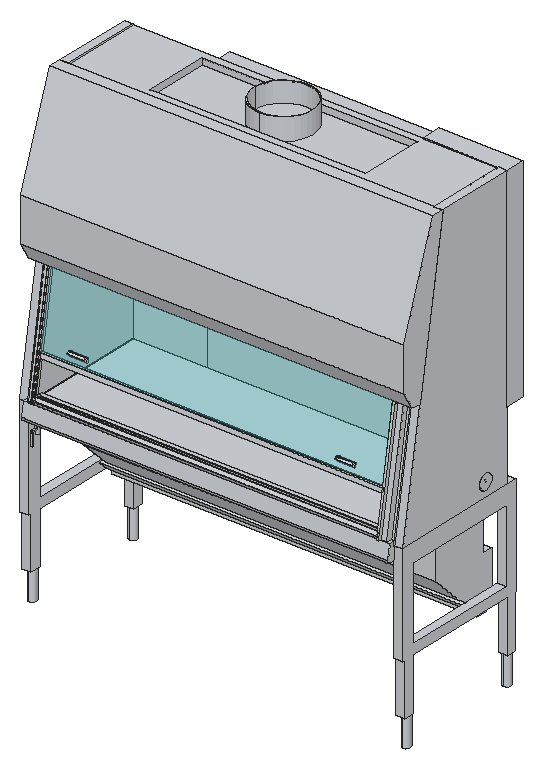
Revit family
Parameters (values of type "BGA-BCG601-B2")
  Weight = "850 lbs"
  Power = "115v, 20A, 60 Hz"
  Model = "BGA-BCG601-B2"
  Manufacturer = "The Baker Company"
  Height = "86\" min 94 1/2\" max"
  Exhaust collar = 3"
  Exhaust Flow (CFM) = "700-800"
  Description = "Class II, Type B2 Biosafety Cabinet"
  Cabinet Width = 77 7/8"
  Air Tight Damper On/Off = 14"
Types (3): name | Power | Model | Exhaust collar | Air Tight Damper On/Off
  (no name) | "115v, 20A, 60 Hz" | "BGA-BCG601-B2" | 3" | 14"
  BGA-BCG601-B2 | "115v, 20A, 60 Hz" | "BGA-BCG601-B2" | 3" | 14"
  BGA-BCG601-B2-25A | "115 v, 20A, 60 Hz" | "BGA-BCG601-B2-25B" | 5 7/8" | 28 51/64"
Reference planes (in)
  plane 1 "Center (Front/Back)": y = 4.44022
  plane 2: z = -0.5
  plane 3 "Center (Left/Right)": x = 0
  plane 4: x = 77.875
  plane 5: y = -23.03582
  plane 6: y = -23.16246
  plane 7: y = -23.40301
  plane 8: y = -23.62306
  plane 9: x = 66.15611
  plane 10: x = 47.03509
  plane 11: through (0, -29.49684, 44.979) normal (0, -0.1736, -0.9848)
  plane 12: z = 34.97206
  plane 13: y = -2.72235
  plane 14: y = -0.39632
  plane 15: y = 2.08007
  plane 16: y = -12.57304
  plane 17: through (0, -23.89759, 47.77657) normal (0, -0.9848, 0.1736)
  plane 18: z = 6
  plane 19: x = 52.03906
  plane 20: x = 78.125
  plane 21: x = 13.36769
  plane 22: x = 40.21635
  plane 23: x = 67.8874
  plane 24: x = 9.82164
  plane 25: x = 5.13405
  plane 26: x = 19.9745
  plane 27: x = 74.25
  plane 28: x = 72.48438
  plane 29: x = 72.04175
  plane 30: x = 76.16406
  plane 31: x = 74.74158
  plane 32: x = 73.74037
  plane 33: x = 74.96461
  plane 34: x = 64.49158
  plane 35: x = 75.41615
  plane 36: x = 73.74037
  plane 37: z = 94.49831
  plane 38: z = 97.49831
  plane 39: z = 61.85485
  plane 40: z = 68.74491
  plane 41: z = 74.29114
  plane 42: z = 38.85485
  plane 43: x = 38.9375
  plane 44: y = -26.46526
  plane 45: z = 82.74491
Forms (in)
  Extrusion 1, solid
    sketch origin (0, 0, -0.03125) x (0, 1, 0) y (0, 0, 1)
      loop
        line (1.80434, 94.52956) -> (-14.57853, 94.52956) -> (-24.7318, 37.19291) -> (1.80434, 37.19291) -> (1.80434, 94.52956)
    from 0 to 1.71094
  Extrusion 2, solid
    sketch origin (51.99478, 0, -0.03125) x (0, 1, 0) y (0, 0, 1)
      loop
        line (1.80434, 94.52956) -> (-14.57584, 94.52956) -> (-24.73176, 37.19291) -> (1.80434, 37.19291) -> (1.80434, 94.52956)
    from 24.16929 to 25.88022
  Extrusion 3, solid
    sketch origin (0, 0, 0) x (0, 1, 0) y (0, 0, 1)
      loop
        line (1.80434, 36.38129) -> (-24.76903, 36.38129) -> (-24.76903, 36.27667) -> (1.80434, 36.27667) -> (1.80434, 36.38129)
    from 1.8597 to 75.96089
  Extrusion 4, solid, detail levels fine
    sketch origin (0, 0, 0) x (0, 1, 0) y (0, 0, 1)
      loop
        line (-19.19787, 68.3054) -> (-24.86204, 36.38129) -> (-24.76903, 36.38129) -> (-19.10486, 68.3054) -> (-19.19787, 68.3054)
    from 1.71094 to 3.13342
  Extrusion 5, solid, detail levels fine
    sketch origin (48.90564, 0, 0) x (0, 1, 0) y (0, 0, 1)
      loop
        line (-19.19787, 68.3054) -> (-24.72358, 37.16166) -> (-24.63057, 37.16166) -> (-19.10486, 68.3054) -> (-19.19787, 68.3054)
    from 25.83594 to 27.25842
  Extrusion 6, solid
    sketch origin (0, 0, 0) x (0, 1, 0) y (0, 0, 1)
      loop
        line (1.80434, 37.16166) -> (-24.73214, 37.16166) -> (-24.58837, 37.97521) -> (-25.95777, 37.97521) -> (-26.46526, 35.09706)
        arc (-26.46526, 35.09706) -> (-26.35493, 34.68529) -> (-25.96857, 34.50513) r 0.50435
        line (-25.96857, 34.50513) -> (1.24588, 34.50513)
        arc (1.24588, 34.50513) -> (1.60074, 34.65212) -> (1.74773, 35.00697) r 0.50184
        line (1.74773, 35.00697) -> (1.80434, 35.00697) -> (1.80434, 37.16166)
    from 1.71094 to 76.16406
  Extrusion 7, solid, material "Glass"
    sketch origin (0, 0.4943, -0.06512) x (0, 1, 0) y (0, 0, 1)
      loop
        line (-22.39578, 61.85485) -> (-25.03567, 46.88327) -> (-24.45474, 46.77633) -> (-21.79599, 61.85485) -> (-22.39578, 61.85485)
    from 3.50208 to 73.74037
  Extrusion 8, solid, detail levels fine
    sketch origin (0, 0.3125, 0.59375) x (0, 1, 0) y (0, 0, 1)
      loop
        line (-26.71687, 38.13022) -> (-26.27991, 37.37401) -> (-24.58363, 37.37401) -> (-24.5417, 38.85485) -> (-25.41376, 38.85485)
        arc (-25.41376, 38.85485) -> (-25.51703, 38.81207) -> (-25.55981, 38.70879) r 0.14605
        line (-25.55981, 38.70879) -> (-25.55981, 38.47491) -> (-25.82709, 38.47491) -> (-26.67204, 38.24851)
        arc (-26.67204, 38.24851) -> (-26.72252, 38.2) -> (-26.71687, 38.13022) r 0.08164
    from 3.96867 to 73.74037
  Extrusion 9, solid, detail levels fine
    sketch origin (0, 0.4318, 0.30988) x (0, 1, 0) y (0, 0, 1)
      loop
        line (-25.53288, 48.57524) -> (-25.1327, 48.85545)
        arc (-25.1327, 48.85545) -> (-25.11622, 48.86193) -> (-25.09852, 48.86238) r 0.05099
        line (-25.09852, 48.86238) -> (-24.66862, 48.78657)
        arc (-24.66862, 48.78657) -> (-24.63612, 48.76587) -> (-24.62778, 48.72825) r 0.05035
        line (-24.62778, 48.72825) -> (-24.78002, 47.86485)
        arc (-24.78002, 47.86485) -> (-24.76863, 47.91446) -> (-24.75225, 47.96266) r 0.49902
        line (-24.75225, 47.96266) -> (-24.60136, 48.81844)
        arc (-24.60136, 48.81844) -> (-24.62428, 48.83572) -> (-24.65142, 48.84506) r 0.09174
        line (-24.65142, 48.84506) -> (-25.08962, 48.92233)
        arc (-25.08962, 48.92233) -> (-25.13025, 48.92144) -> (-25.16745, 48.90508) r 0.10415
        line (-25.16745, 48.90508) -> (-25.56763, 48.62487)
        arc (-25.56763, 48.62487) -> (-25.57507, 48.58268) -> (-25.53288, 48.57524) r 0.03029
    from 9.82164 to 13.36769
  Extrusion 10, solid, detail levels fine
    sketch origin (30.39471, 0.4318, 0.31681) x (0, 1, 0) y (0, 0, 1)
      loop
        line (-25.53288, 48.57524) -> (-25.1327, 48.85545)
        arc (-25.1327, 48.85545) -> (-25.11622, 48.86193) -> (-25.09852, 48.86238) r 0.05099
        line (-25.09852, 48.86238) -> (-24.66862, 48.78657)
        arc (-24.66862, 48.78657) -> (-24.63612, 48.76587) -> (-24.62778, 48.72825) r 0.05035
        line (-24.62778, 48.72825) -> (-24.78002, 47.86485)
        arc (-24.78002, 47.86485) -> (-24.76863, 47.91446) -> (-24.75225, 47.96266) r 0.49902
        line (-24.75225, 47.96266) -> (-24.60136, 48.81844)
        arc (-24.60136, 48.81844) -> (-24.62428, 48.83572) -> (-24.65142, 48.84506) r 0.09174
        line (-24.65142, 48.84506) -> (-25.08962, 48.92233)
        arc (-25.08962, 48.92233) -> (-25.13025, 48.92144) -> (-25.16745, 48.90508) r 0.10415
        line (-25.16745, 48.90508) -> (-25.56763, 48.62487)
        arc (-25.56763, 48.62487) -> (-25.57507, 48.58268) -> (-25.53288, 48.57524) r 0.03029
    from 33.94664 to 37.49269
  Extrusion 11, solid, detail levels fine
    sketch origin (10, -20.34675, 43.36559) x (0, 0.984808, -0.173648) y (1, 0, 0)
      loop
        line (-4.92075, -6.03133) -> (-4.92075, -6.54304) -> (-4.37778, -6.54304) -> (-4.37778, -7.70711) -> (-3.21131, -7.70711) -> (-3.21131, -7.60164) -> (-4.27231, -7.60164) -> (-4.27231, -6.43758) -> (-4.81528, -6.43758) -> (-4.81528, -6.03133) -> (-4.92075, -6.03133)
    from -17.8827 to 6.2648
  Extrusion 12, solid, detail levels fine
    sketch origin (43.58404, -20.34675, 43.36559) x (0, 0.984808, -0.173648) y (1, 0, 0)
      loop
        line (-4.81678, 30.15633) -> (-4.71131, 30.15633) -> (-4.71131, 30.56258) -> (-4.16834, 30.56258) -> (-4.16834, 31.72664) -> (-3.10734, 31.72664) -> (-3.10734, 31.83211) -> (-4.27381, 31.83211) -> (-4.27381, 30.66596) -> (-4.81678, 30.66596) -> (-4.81678, 30.15633)
    from -17.8827 to 6.2648
  Extrusion 13, solid
    sketch origin (-10.19183, 7.63281, 35.5) x (0, 1, 0) y (-1, 0, 0)
      loop
        circle (-4.66698, -11.06242) r 0.8
    from -35.5 to -29.5
  Extrusion 14, solid
    sketch origin (-10.19183, -18.02479, 35.5) x (0, 1, 0) y (-1, 0, 0)
      loop
        circle (-4.66698, -11.06242) r 0.8
    from -35.5 to -29.5
  Extrusion 15, solid
    sketch origin (3.50208, 0.75348, 3.46519) x (0, -1, 0) y (0, 0, 1)
      loop
        line (25.51722, 42.48146) -> (25.36238, 43.35956) -> (24.6106, 43.227) -> (24.77202, 42.35006) -> (25.51722, 42.48146)
    from -70.23829 to 0
  Extrusion 16, solid, detail levels fine
    sketch origin (53.69124, -17.94011, 92.65873) x (0, 0, 1) y (0, -1, 0)
      loop
        circle (-52.41462, -14.04379) r 1.5
      loop
        line (-52.24036, -14.04379) -> (-51.33405, -13.62117) -> (-51.39147, -13.49805) -> (-52.29338, -13.91862)
        arc (-52.29338, -13.91862) -> (-52.57508, -14.11176) -> (-52.24036, -14.04379) r 0.17426
    from 24.18376 to 24.43376
  Extrusion 17, solid
    sketch origin (-8.18947, -6.55978, 99.15907) x (0, -1, 0) y (1, 0, 0)
      loop
        circle (-0.2145, 47.12697) r 6
    from -6.09077 to -1.66076
  Extrusion 18, void
    sketch origin (-8.18947, -7.80978, 99.15907) x (1, 0, 0) y (0, -1, 0)
      loop
        circle (47.12697, -1.4645) r 5.875
    from 1.66076 to 5.76726
  Extrusion 19, solid
    sketch origin (0, 0, 0) x (0, 1, 0) y (0, 0, 1)
      loop
        line (-14.57853, 94.49831) -> (-17.1034, 94.49831) -> (-24.4582, 74.29114) -> (-24.4582, 65.35205) -> (-22.4582, 61.88795) -> (-20.41696, 61.52802) -> (-14.57853, 94.49831)
    from 0 to 77.875
  Extrusion 20, solid
    sketch origin (12, 4.44022, 94.49831) x (0, -1, 0) y (1, 0, 0)
      loop
        line (2.63588, 5) -> (2.63588, 48.875) -> (-3, 48.875) -> (-3, 5) -> (2.63588, 5)
    from -77.90279 to -2.32201
  Extrusion 21, solid
    sketch origin (0, 1.90981, 0) x (1, 0, 0) y (0, 0, 1)
      loop
        line (1.71094, 93.0683) -> (1.71094, 34.97206) -> (76.16406, 34.97206) -> (76.16406, 93.0683) -> (1.71094, 93.0683)
    from 0 to 0.10547
  Extrusion 22, solid
    sketch origin (-20, 4.44022, 94.49831) x (0, -1, 0) y (1, 0, 0)
      loop
        line (2.63588, 20.29962) -> (2.63588, 37) -> (0.28758, 37) -> (0.28758, 20.29962) -> (2.63588, 20.29962)
    from -43.07323 to -2.32201
  Extrusion 23, solid
    sketch origin (16.70038, 4.44022, 94.49831) x (0, -1, 0) y (1, 0, 0)
      loop
        line (2.63588, 44.17462) -> (2.63588, 61.17462) -> (-1.36412, 61.17462) -> (-1.36412, 44.17462) -> (2.63588, 44.17462)
    from -43.07323 to 0
  Extrusion 24, solid
    sketch origin (0, 0, 0) x (0, 1, 0) y (0, 0, 1)
      loop
        line (-12.36135, 34.97206) -> (-12.36135, 24.50513) -> (-4.45174, 16.59552) -> (1.77765, 16.59552) -> (1.77765, 24.59552) -> (-0.39632, 24.59552) -> (-0.39632, 34.97206) -> (-12.36135, 34.97206)
    from 3.13342 to 74.74158
  Extrusion 25, solid
    sketch origin (0, 0, 0) x (0, 1, 0) y (0, 0, 1)
      loop
        line (-6.49096, 18.63474) -> (-6.84451, 18.28119) -> (-5.25352, 16.6902) -> (-4.89997, 17.04375) -> (-6.49096, 18.63474)
    from 1.8597 to 76.10938
  Extrusion 26, solid
    sketch origin (0, 0, 0) x (0, 1, 0) y (0, 0, 1)
      loop
        line (-3.65209, 16.59552) -> (-3.65209, 14.84552) -> (-1.40209, 14.84552) -> (-1.40209, 16.59552) -> (-3.65209, 16.59552)
    from 1.71094 to 76.10938
  Extrusion 27, solid
    sketch origin (12.125, -23.03582, 65.00726) x (0, 0, -1) y (-1, 0, 0)
      loop
        circle (-17.56049, -26.875) r 5.875
    from 16.54486 to 16.78405
  Extrusion 28, solid
    sketch origin (12.125, 0, -17.60865) x (0, 1, 0) y (0, 0, 1)
      loop
        circle (-6.34527, 100.37331) r 0.25
    from 34.11658 to 35.45418
  Extrusion 29, solid
    sketch origin (-53.04413, 0, 46.08503) x (1, 0, 0) y (0, 1, 0)
      loop
        circle (100.37331, -6.34527) r 0.25
    from 32.69421 to 36.65988
  Extrusion 30, solid
    sketch origin (10.625, 0, -17.60865) x (0, 1, 0) y (0, 0, 1)
      loop
        circle (-6.35497, 100.3751) r 0.5
    from 34.30575 to 35.61658
  Extrusion 31, solid, not visible
    sketch origin (0, -23.03582, 80.11591) x (0, 0, -1) y (-1, 0, 0)
      loop
        circle (-17.56049, -26.875) r 5.875
    from 16.54486 to 16.78405
  Extrusion 32, solid, not visible
    sketch origin (0, 0, -2.5) x (0, 1, 0) y (0, 0, 1)
      loop
        circle (-6.34527, 100.37331) r 0.25
    from 34.11658 to 35.45418
  Extrusion 33, solid, not visible
    sketch origin (-65.16913, 0, 61.19367) x (1, 0, 0) y (0, 1, 0)
      loop
        circle (100.37331, -6.34527) r 0.25
    from 32.69421 to 36.65988
  Extrusion 34, solid, not visible
    sketch origin (-1.5, 0, -2.5) x (0, 1, 0) y (0, 0, 1)
      loop
        circle (-6.35497, 100.3751) r 0.5
    from 34.30575 to 35.61658
  Extrusion 35, solid
    sketch origin (-0.03906, 4.44022, 94.30265) x (0, -1, 0) y (1, 0, 0)
      loop
        line (2.63588, 0.33868) -> (19.01875, 0.33868) -> (19.01875, 76.20313) -> (2.63588, 76.20313) -> (2.63588, 0.33868)
      loop
        line (4.14081, 17.03906) -> (17.39081, 17.03906) -> (17.39081, 60.91406) -> (4.14081, 60.91406) -> (4.14081, 17.03906)
    from -1.43001 to 0
  Extrusion 36, solid
    sketch origin (-0.12661, 0, -0.01119) x (0, 1, 0) y (0, 0, 1)
      loop
        line (-14.57853, 93.0683) -> (-14.57853, 92.1763) -> (1.80434, 92.1763) -> (1.80434, 93.0683) -> (-14.57853, 93.0683)
    from 1.71094 to 76.29067
  Extrusion 37, solid, detail levels fine
    sketch origin (-0.8125, 0.67793, 1.11021) x (0, 1, 0) y (0, 0, 1)
      loop
        line (-27.14319, 31.94139) -> (-27.14319, 29.40045) -> (-27.02465, 29.40045) -> (-27.02465, 31.95176) -> (-26.09244, 32.03332)
        arc (-26.09244, 32.03332) -> (-25.97491, 32.05678) -> (-25.92193, 32.16429) r 0.13555
        line (-25.92193, 32.16429) -> (-25.92193, 32.93526) -> (-26.04047, 32.93526) -> (-26.04047, 32.16429) -> (-27.00465, 32.07993)
        arc (-27.00465, 32.07993) -> (-27.10261, 32.03935) -> (-27.14319, 31.94139) r 0.13854
    from 4.30923 to 4.72846
  Extrusion 38, solid, detail levels fine
    sketch origin (-1.875, 4.44232, 94.49178) x (0, -1, 0) y (1, 0, 0)
      loop
        circle (29.33419, 5.58609) r 0.375
    from -62.23967 to -59.99318
  Extrusion 39, solid
    sketch origin (-5.3903, 0, 0) x (0, 1, 0) y (0, 0, 1)
      loop
        line (-24.76903, 16.59552) -> (-24.22447, 16.59552) -> (-24.22447, 6) -> (-22.09914, 6) -> (-22.09914, 16.59552) -> (1.90429, 16.59552) -> (1.90429, 6) -> (3.93061, 6) -> (3.93061, 16.59552) -> (4.15265, 16.59552) -> (4.15265, 37.16166) -> (-24.76903, 37.16166) -> (-24.76903, 16.59552)
      loop
        line (1.77765, 33.43637) -> (-22.15144, 33.43637) -> (-22.15144, 18.6129) -> (1.77765, 18.6129) -> (1.77765, 33.43637)
    from 5.3903 to 7.25
  Extrusion 40, solid
    sketch origin (48.125, 0, 0) x (0, 1, 0) y (0, 0, 1)
      loop
        line (1.90429, 16.6141) -> (1.90429, 6) -> (3.90265, 6) -> (3.90265, 16.56427) -> (4.15265, 16.56427) -> (4.15265, 37.16166) -> (-24.76903, 37.16166) -> (-24.76903, 16.56427) -> (-24.22447, 16.56427) -> (-24.22447, 6) -> (-22.15144, 6) -> (-22.15144, 16.6141) -> (1.90429, 16.6141)
      loop
        line (1.77765, 18.63474) -> (1.77765, 33.43637) -> (-22.15144, 33.43637) -> (-22.15144, 18.63474) -> (1.77765, 18.63474)
    from 29.75 to 27.98438
  Extrusion 41, solid
    sketch origin (66.1216, 1.76431, 34.97206) x (0, 1, 0) y (-1, 0, 0)
      loop
        circle (1.18818, -10.87059) r 0.8
    from -34.97206 to -28.97206
  Extrusion 42, solid
    sketch origin (66.1216, -23.87996, 35.5) x (0, 1, 0) y (-1, 0, 0)
      loop
        circle (1.18818, -10.87059) r 0.8
    from -35.5 to -29.5
Cuts and joins
  Extrusion 18 cuts Extrusion 17
Lines and regions (in)
  reference lines
    curve 1: line (38.85452, 4.44022, 47.04523) -> (38.85452, 4.44022, 23.04523)
  model lines
    curve 2: line (47.27912, -23.51098, 43.92353) -> (47.27912, -23.47549, 43.91727)
    curve 3: line (4.11896, -24.54048, 69.26389) -> (15.36896, -24.54048, 69.26389)
    curve 4: line (15.36896, -24.54048, 67.26389) -> (4.11896, -24.54048, 67.26389)
    curve 5: arc (4.11896, -24.57243, 69.26389) -> (3.11896, -24.57243, 68.26389) -> (4.11896, -24.57243, 67.26389) r 1
    curve 6: arc (15.36896, -24.57243, 69.26389) -> (16.36896, -24.57243, 68.26389) -> (15.36896, -24.57243, 67.26389) r 1
    curve 7: line (57.86896, -24.54048, 69.81389) -> (72.49396, -24.54048, 69.81389)
    curve 8: line (72.49396, -24.54048, 67.01389) -> (57.86896, -24.54048, 67.01389)
    curve 9: arc (57.86896, -24.57243, 69.81389) -> (56.46896, -24.57243, 68.41389) -> (57.86896, -24.57243, 67.01389) r 1.4
    curve 10: arc (72.49396, -24.57243, 69.81389) -> (73.89396, -24.57243, 68.41389) -> (72.49396, -24.57243, 67.01389) r 1.4
Dimensions and locks (in)
  "Cabinet Width": plane 4 to plane 3 "Center (Left/Right)"
  locked: plane 4 to plane 27 at 3.625
  locked: plane 28 to plane 29 at 0.44262
  locked: plane 4 to plane 29 at 5.83325
  locked: plane 4 to plane 30 at 1.71094
  locked: plane 30 to plane 31 at 1.42248
  locked: plane 4 to plane 32 at 4.13463
  locked: plane 20 to plane 4 at 0.25
  locked: plane 4 to plane 23 at 9.9876
  locked: plane 23 to Extrusion 10 at 3.54605
  locked: plane 4 to plane 33 at 2.91039
  locked: plane 34 to plane 4 at 13.38342
  plane 4 to plane 30 = 1 91/128"  (x3)
  locked: plane 4 to plane 35 at 2.45885
  locked: plane 9 to plane 4 at 11.71889
  locked: plane 35 to plane 36 at 1.67578
  plane 12 to level = 34.97206"
  plane 37 to plane 12 = 59.52625"
  plane 39 to plane 42 = 23"
  equal spacing: plane 4, plane 43, plane 3 "Center (Left/Right)"
  plane 42 to plane 12 = 3.88279"
  plane 44 to Extrusion 2 = 28.2696"
  plane 1 "Center (Front/Back)" to Extrusion 20 = 3"
  Extrusion 20 to Extrusion 20 = 43 7/8"
  "Exhaust collar": plane 38 to plane 37
  "Air Tight Damper On/Off": plane 45 to plane 40
  aligned and locked: plane 18 to Extrusion 14
  aligned: plane 4 to Extrusion 6
  aligned and locked: plane 4 to Extrusion 2
  aligned: plane 31 to Extrusion 8
  aligned and locked: Extrusion 16 to plane 4
  aligned and locked: plane 32 to Extrusion 15
  aligned and locked: plane 32 to Extrusion 7
  aligned and locked: Extrusion 16 to plane 20
  aligned and locked: plane 23 to Extrusion 10
  aligned: Extrusion 6 to plane 3 "Center (Left/Right)"
  aligned and locked: plane 35 to Extrusion 12
  aligned and locked: plane 30 to Extrusion 5
  aligned: plane 30 to Extrusion 3
  aligned and locked: Extrusion 12 to plane 36
  aligned and locked: Extrusion 5 to plane 30
  aligned and locked: Extrusion 5 to plane 31
  aligned and locked: Extrusion 2 to plane 4
  aligned and locked: Extrusion 2 to plane 30
  aligned and locked: plane 4 to Extrusion 19
  aligned and locked: plane 38 to cut or joined group of Extrusion 17, Extrusion 18  (x2)
  aligned: cut or joined group of Extrusion 17, Extrusion 18 to plane 37
  aligned and locked: plane 45 to Extrusion 29
  aligned: Extrusion 6 to Extrusion 39
Automatic sketch dimensions
  Extrusion 1 sketch curve to plane 37 = 0"
  Extrusion 1 sketch curve to plane 8 = 1.10875"
  Extrusion 1 sketch curve to plane 16 = 2.00549"
  Extrusion 1 sketch curve to plane 15 = 0.27573"
  plane 12 to Extrusion 1 sketch curve = 2.1896"
  Extrusion 2 sketch curve to plane 37 = 0"
  Extrusion 2 sketch curve to plane 8 = 1.1087"
  Extrusion 2 sketch curve to plane 16 = 2.0028"
  Extrusion 2 sketch curve to plane 15 = 0.27573"
  plane 12 to Extrusion 2 sketch curve = 2.1896"
  Extrusion 3 sketch curve to plane 8 = 1.14597"
  Extrusion 3 sketch curve to plane 15 = 0.27573"
  plane 12 to Extrusion 3 sketch curve = 1.30461"
  Extrusion 3 sketch curve to Extrusion 3 sketch curve = 0.10462"
  Extrusion 4 sketch curve to plane 8 = 1.23898"
  Extrusion 4 sketch curve to Extrusion 4 sketch curve = 0.09301"  (x2)
  plane 40 to Extrusion 4 sketch curve = 0.43951"
  plane 5 to Extrusion 4 sketch curve = 3.83795"
  plane 12 to Extrusion 4 sketch curve = 1.40924"
  Extrusion 5 sketch curve to plane 8 = 1.10052"
  Extrusion 5 sketch curve to Extrusion 5 sketch curve = 0.09301"  (x2)
  plane 40 to Extrusion 5 sketch curve = 0.43951"
  plane 5 to Extrusion 5 sketch curve = 3.83795"
  plane 12 to Extrusion 5 sketch curve = 2.1896"
  Extrusion 7 sketch curve to plane 17 = 0.1231"  (x2)
  plane 39 to Extrusion 7 sketch curve = 0.06512"
  Extrusion 7 sketch curve to Extrusion 7 sketch curve = 0.59978"
  Extrusion 7 sketch curve to plane 8 = 0.33738"
  Extrusion 7 sketch curve to Extrusion 7 sketch curve = 0.58093"
  Extrusion 7 sketch curve to Extrusion 7 sketch curve = 0.10693"
  Extrusion 8 sketch curve to plane 44 = 0.06089"
  Extrusion 8 sketch curve to plane 42 = 0.01259"
  Extrusion 8 sketch curve to plane 44 = 0.10572"
  Extrusion 8 sketch curve to Extrusion 8 sketch curve = 0.02586"
  Extrusion 8 sketch curve to plane 44 = 0.49785"
  plane 42 to Extrusion 8 sketch curve = 0.21382"
  Extrusion 8 sketch curve to Extrusion 8 sketch curve = 0.81909"
  Extrusion 8 sketch curve to Extrusion 8 sketch curve = 0.26728"
  Extrusion 8 sketch curve to Extrusion 8 sketch curve = 0.14605"
  Extrusion 8 sketch curve to plane 8 = 0.64807"
  Extrusion 8 sketch curve to plane 8 = 0.60615"
  Extrusion 8 sketch curve to Extrusion 8 sketch curve = 0.07744"
  Extrusion 8 sketch curve to plane 42 = 0.88709"
  Extrusion 8 sketch curve to Extrusion 8 sketch curve = 0.23388"
  Extrusion 9 sketch curve to plane 44 = 1.32943"
  Extrusion 9 sketch curve to Extrusion 9 sketch curve = 0.01738"  (x2)
  Extrusion 9 sketch curve to Extrusion 9 sketch curve = 0.40018"
  Extrusion 9 sketch curve to Extrusion 9 sketch curve = 0.03475"
  Extrusion 9 sketch curve to Extrusion 9 sketch curve = 0.02499"
  Extrusion 9 sketch curve to Extrusion 9 sketch curve = 0.00162"
  Extrusion 9 sketch curve to Extrusion 9 sketch curve = 0.03418"
  Extrusion 9 sketch curve to Extrusion 9 sketch curve = 0.00889"
  Extrusion 9 sketch curve to Extrusion 9 sketch curve = 0.32607"
  Extrusion 9 sketch curve to Extrusion 9 sketch curve = 0.02776"
  Extrusion 9 sketch curve to Extrusion 9 sketch curve = 0.42873"
  Extrusion 9 sketch curve to Extrusion 9 sketch curve = 0.00874"  (x2)
  Extrusion 9 sketch curve to Extrusion 9 sketch curve = 0.01001"
  Extrusion 9 sketch curve to Extrusion 9 sketch curve = 0.0172"
  Extrusion 9 sketch curve to Extrusion 9 sketch curve = 0.03957"
  Extrusion 9 sketch curve to Extrusion 9 sketch curve = 0.05006"
  Extrusion 9 sketch curve to Extrusion 9 sketch curve = 0.49144"
  plane 42 to Extrusion 9 sketch curve = 9.23323"
  Extrusion 9 sketch curve to Extrusion 9 sketch curve = 0.08665"
  Extrusion 9 sketch curve to Extrusion 9 sketch curve = 0.61258"
  Extrusion 9 sketch curve to Extrusion 9 sketch curve = 0.02481"
  Extrusion 9 sketch curve to Extrusion 9 sketch curve = 0.76559"
  Extrusion 9 sketch curve to Extrusion 9 sketch curve = 0.01773"
  Extrusion 9 sketch curve to Extrusion 9 sketch curve = 0.07496"
  Extrusion 9 sketch curve to Extrusion 9 sketch curve = 0.03187"
  Extrusion 9 sketch curve to Extrusion 9 sketch curve = 1/128"
  Extrusion 9 sketch curve to Extrusion 9 sketch curve = 0.03569"
  Extrusion 9 sketch curve to Extrusion 9 sketch curve = 0.04963"
  Extrusion 10 sketch curve to plane 44 = 1.32943"
  Extrusion 10 sketch curve to Extrusion 10 sketch curve = 0.01738"  (x2)
  Extrusion 10 sketch curve to Extrusion 10 sketch curve = 0.40018"
  Extrusion 10 sketch curve to Extrusion 10 sketch curve = 0.03475"
  Extrusion 10 sketch curve to Extrusion 10 sketch curve = 0.02499"
  Extrusion 10 sketch curve to Extrusion 10 sketch curve = 0.00162"
  Extrusion 10 sketch curve to Extrusion 10 sketch curve = 0.03418"
  Extrusion 10 sketch curve to Extrusion 10 sketch curve = 0.00889"
  Extrusion 10 sketch curve to Extrusion 10 sketch curve = 0.32607"
  Extrusion 10 sketch curve to Extrusion 10 sketch curve = 0.02776"
  Extrusion 10 sketch curve to Extrusion 10 sketch curve = 0.42873"
  Extrusion 10 sketch curve to Extrusion 10 sketch curve = 0.00874"  (x2)
  Extrusion 10 sketch curve to Extrusion 10 sketch curve = 0.01001"
  Extrusion 10 sketch curve to Extrusion 10 sketch curve = 0.0172"
  Extrusion 10 sketch curve to Extrusion 10 sketch curve = 0.03957"
  Extrusion 10 sketch curve to Extrusion 10 sketch curve = 0.05006"
  Extrusion 10 sketch curve to Extrusion 10 sketch curve = 0.49144"
  plane 42 to Extrusion 10 sketch curve = 9.24016"
  Extrusion 10 sketch curve to Extrusion 10 sketch curve = 0.08665"
  Extrusion 10 sketch curve to Extrusion 10 sketch curve = 0.61258"
  Extrusion 10 sketch curve to Extrusion 10 sketch curve = 0.02481"
  Extrusion 10 sketch curve to Extrusion 10 sketch curve = 0.76559"
  Extrusion 10 sketch curve to Extrusion 10 sketch curve = 0.01773"
  Extrusion 10 sketch curve to Extrusion 10 sketch curve = 0.07496"
  Extrusion 10 sketch curve to Extrusion 10 sketch curve = 0.03187"
  Extrusion 10 sketch curve to Extrusion 10 sketch curve = 1/128"
  Extrusion 10 sketch curve to Extrusion 10 sketch curve = 0.03569"
  Extrusion 10 sketch curve to Extrusion 10 sketch curve = 0.04963"
  curve 2 to plane 10 = 0.24404"
  curve 2 to plane 17 = 1.08585"
  curve 2 to curve 2 = 0.03604"
  plane 17 to Extrusion 11 sketch curve = 0.6579"
  Extrusion 11 sketch curve to Extrusion 11 sketch curve = 27/256"  (x3)
  plane 17 to Extrusion 11 sketch curve = 0.11493"
  plane 17 to Extrusion 11 sketch curve = 0.00946"
  Extrusion 11 sketch curve to plane 17 = 1.05154"
  plane 3 "Center (Left/Right)" to Extrusion 11 sketch curve = 2.29289"
  Extrusion 11 sketch curve to Extrusion 11 sketch curve = 1 15/256"
  Extrusion 11 sketch curve to Extrusion 11 sketch curve = 13/32"
  curve 1 to plane 43 = 0.08298"
  curve 1 to plane 12 = 11.92683"
  plane 42 to curve 1 = 8.19038"
  Extrusion 12 sketch curve to plane 27 = 0"
  Extrusion 12 sketch curve to plane 32 = 0"
  Extrusion 12 sketch curve to plane 35 = 0"
  plane 17 to Extrusion 12 sketch curve = 0.55393"
  Extrusion 12 sketch curve to Extrusion 12 sketch curve = 27/256"
  plane 17 to Extrusion 12 sketch curve = 0.01096"
  Extrusion 12 sketch curve to plane 17 = 0.09451"
  Extrusion 12 sketch curve to Extrusion 12 sketch curve = 1.061"
  Extrusion 12 sketch curve to plane 27 = 0.10338"
  Extrusion 12 sketch curve to plane 35 = 27/256"
  plane 15 to Extrusion 13 sketch curve = 0.88576"
  plane 3 "Center (Left/Right)" to Extrusion 13 sketch curve = 0.87059"
  plane 5 to Extrusion 14 sketch curve = 0.34404"
  plane 3 "Center (Left/Right)" to Extrusion 14 sketch curve = 0.87059"
  Extrusion 15 sketch curve to plane 8 = 0.23406"
  Extrusion 15 sketch curve to plane 8 = 0.39548"
  Extrusion 15 sketch curve to Extrusion 15 sketch curve = 0.75179"
  Extrusion 15 sketch curve to Extrusion 15 sketch curve = 0.7452"
  plane 42 to Extrusion 15 sketch curve = 6.96041"
  Extrusion 15 sketch curve to Extrusion 15 sketch curve = 0.1314"
  Extrusion 16 sketch curve to Extrusion 16 sketch curve = 0"  (x2)
  plane 42 to Extrusion 16 sketch curve = 1.38926"
  Extrusion 16 sketch curve to Extrusion 16 sketch curve = 0.12124"
  Extrusion 16 sketch curve to Extrusion 16 sketch curve = 0.05302"
  Extrusion 16 sketch curve to Extrusion 16 sketch curve = 0.90191"
  plane 13 to Extrusion 16 sketch curve = 1.59659"
  Extrusion 16 sketch curve to Extrusion 16 sketch curve = 0.05741"
  Extrusion 17 sketch curve to plane 43 = 0"
  plane 13 to Extrusion 17 sketch curve = 3.62292"
  Extrusion 18 sketch curve to plane 43 = 0"
  plane 13 to Extrusion 18 sketch curve = 3.62292"
  plane 41 to Extrusion 19 sketch curve = 0"
  Extrusion 19 sketch curve to plane 37 = 0"
  Extrusion 19 sketch curve to plane 8 = 0.83515"
  Extrusion 19 sketch curve to plane 39 = 0.0331"
  plane 5 to Extrusion 19 sketch curve = 0.57761"
  plane 39 to Extrusion 19 sketch curve = 0.32682"
  Extrusion 19 sketch curve to Extrusion 19 sketch curve = 2.04124"
  Extrusion 19 sketch curve to plane 16 = 4.53036"
  Extrusion 19 sketch curve to plane 16 = 2.00549"
  plane 40 to Extrusion 19 sketch curve = 3.39286"
  Extrusion 20 sketch curve to plane 1 "Center (Front/Back)" = 3"
  Extrusion 20 sketch curve to plane 15 = 0.27573"
  plane 26 to Extrusion 20 sketch curve = 2.9745"
  plane 34 to Extrusion 20 sketch curve = 3.61658"
  Extrusion 21 sketch curve to plane 12 = 0"
  Extrusion 21 sketch curve to plane 30 = 0"
  plane 3 "Center (Left/Right)" to Extrusion 21 sketch curve = 1 91/128"
  Extrusion 21 sketch curve to plane 37 = 1.43001"
  plane 1 "Center (Front/Back)" to Extrusion 22 sketch curve = 0.28758"
  Extrusion 22 sketch curve to plane 15 = 0.27573"
  plane 3 "Center (Left/Right)" to Extrusion 22 sketch curve = 0.29962"
  plane 26 to Extrusion 22 sketch curve = 2.9745"
  Extrusion 23 sketch curve to plane 4 = 0"
  Extrusion 23 sketch curve to plane 1 "Center (Front/Back)" = 1.36412"
  Extrusion 23 sketch curve to plane 15 = 0.27573"
  plane 34 to Extrusion 23 sketch curve = 3.61658"
  Extrusion 24 sketch curve to plane 12 = 0"
  Extrusion 24 sketch curve to plane 14 = 0"
  plane 13 to Extrusion 24 sketch curve = 1.72938"
  plane 16 to Extrusion 24 sketch curve = 0.21169"
  Extrusion 24 sketch curve to plane 15 = 0.30242"
  Extrusion 24 sketch curve to Extrusion 24 sketch curve = 10.37654"
  Extrusion 24 sketch curve to Extrusion 24 sketch curve = 10.46693"
  Extrusion 24 sketch curve to Extrusion 24 sketch curve = 8"
  plane 13 to Extrusion 25 sketch curve = 4.12216"
  Extrusion 25 sketch curve to Extrusion 25 sketch curve = 0.35355"  (x2)
  Extrusion 25 sketch curve to Extrusion 25 sketch curve = 1.59099"
  Extrusion 25 sketch curve to plane 18 = 10.6902"
  plane 13 to Extrusion 26 sketch curve = 0.92974"
  plane 14 to Extrusion 26 sketch curve = 1.00577"
  Extrusion 26 sketch curve to plane 18 = 8.84552"
  Extrusion 26 sketch curve to Extrusion 26 sketch curve = 1 3/4"
  plane 28 to curve 7 = 0.00959"
  curve 7 to plane 40 = 1.06898"
  curve 3 to plane 40 = 0.51898"
  plane 40 to curve 4 = 1.48102"
  plane 40 to curve 8 = 1.73102"
  plane 28 to curve 8 = 0.00959"
  plane 19 to curve 7 = 5.8299"
  curve 8 to curve 7 = 0"
  plane 21 to curve 4 = 2.00127"
  curve 4 to curve 3 = 0"
  plane 25 to curve 4 = 1.01509"
  plane 25 to curve 3 = 1.01509"
  plane 28 to curve 10 = 0.00959"
  curve 10 to plane 40 = 1.06898"
  curve 9 to plane 40 = 1.06898"
  curve 5 to plane 40 = 0.51898"
  curve 6 to plane 40 = 0.51898"
  plane 40 to curve 10 = 0.33102"
  plane 40 to curve 9 = 0.33102"
  plane 40 to curve 5 = 0.48102"
  plane 40 to curve 6 = 0.48102"
  plane 19 to curve 9 = 5.8299"
  plane 21 to curve 6 = 2.00127"
  plane 25 to curve 5 = 1.01509"
  Extrusion 35 sketch curve to plane 30 = 0"
  Extrusion 35 sketch curve to plane 15 = 0.27573"
  Extrusion 35 sketch curve to plane 14 = 0.69574"
  Extrusion 35 sketch curve to plane 16 = 0.37755"
  Extrusion 35 sketch curve to plane 16 = 2.00549"
  plane 34 to Extrusion 35 sketch curve = 3.61658"
  plane 26 to Extrusion 35 sketch curve = 2.9745"
  plane 3 "Center (Left/Right)" to Extrusion 35 sketch curve = 0.29962"
  Extrusion 36 sketch curve to plane 16 = 2.00549"
  Extrusion 36 sketch curve to plane 15 = 0.27573"
  Extrusion 36 sketch curve to plane 37 = 2.3332"
  Extrusion 36 sketch curve to Extrusion 36 sketch curve = 0.89199"
  Extrusion 37 sketch curve to plane 44 = 0"
  Extrusion 37 sketch curve to Extrusion 37 sketch curve = 0.11854"  (x2)
  Extrusion 37 sketch curve to Extrusion 37 sketch curve = 0.02"
  Extrusion 37 sketch curve to Extrusion 37 sketch curve = 0.9122"
  Extrusion 37 sketch curve to Extrusion 37 sketch curve = 0.03496"
  Extrusion 37 sketch curve to Extrusion 37 sketch curve = 0.01701"
  Extrusion 37 sketch curve to plane 12 = 4.46139"
  Extrusion 37 sketch curve to plane 12 = 1.92045"
  Extrusion 37 sketch curve to Extrusion 37 sketch curve = 0.01037"
  Extrusion 37 sketch curve to Extrusion 37 sketch curve = 0.04661"
  Extrusion 37 sketch curve to Extrusion 37 sketch curve = 0"
  Extrusion 37 sketch curve to Extrusion 37 sketch curve = 0.77097"
  Extrusion 38 sketch curve to plane 8 = 1.26882"
  plane 25 to Extrusion 38 sketch curve = 1.42296"
  plane 18 to Extrusion 40 sketch curve = 0"  (x2)
  Extrusion 40 sketch curve to plane 8 = 1.14597"
  Extrusion 40 sketch curve to plane 8 = 0.60142"
  plane 5 to Extrusion 40 sketch curve = 0.88437"  (x2)
  plane 12 to Extrusion 40 sketch curve = 2.1896"
  Extrusion 40 sketch curve to plane 15 = 0.30242"
  Extrusion 40 sketch curve to plane 15 = 45/256"
  plane 1 "Center (Front/Back)" to Extrusion 40 sketch curve = 0.53758"
  Extrusion 40 sketch curve to Extrusion 40 sketch curve = 1/4"
  Extrusion 40 sketch curve to plane 18 = 10.56427"  (x2)
  Extrusion 40 sketch curve to Extrusion 40 sketch curve = 0.04983"
  Extrusion 40 sketch curve to Extrusion 40 sketch curve = 2.02064"
  Extrusion 40 sketch curve to Extrusion 40 sketch curve = 3.72529"
  plane 15 to Extrusion 41 sketch curve = 0.87243"
  plane 30 to Extrusion 41 sketch curve = 53/64"
  plane 5 to Extrusion 42 sketch curve = 0.34404"
  plane 30 to Extrusion 42 sketch curve = 53/64"
  Extrusion 6 sketch curve to plane 44 = 0"
  plane 12 to Extrusion 6 sketch curve = 0.03742"
  Extrusion 6 sketch curve to plane 44 = 0.49669"
  Extrusion 6 sketch curve to plane 44 = 0.5075"
  Extrusion 6 sketch curve to plane 8 = 1.10908"
  Extrusion 6 sketch curve to Extrusion 6 sketch curve = 0.14377"
  Extrusion 6 sketch curve to plane 15 = 0.83419"
  plane 12 to Extrusion 6 sketch curve = 0.03491"
  Extrusion 6 sketch curve to Extrusion 6 sketch curve = 0.50184"
  Extrusion 6 sketch curve to Extrusion 6 sketch curve = 0.05662"
  Extrusion 6 sketch curve to plane 42 = 1.69319"
  Extrusion 6 sketch curve to plane 42 = 0.87964"
  plane 18 to Extrusion 39 sketch curve = 0"  (x2)
  Extrusion 39 sketch curve to plane 8 = 1.14597"
  Extrusion 39 sketch curve to plane 8 = 0.60142"
  plane 5 to Extrusion 39 sketch curve = 0.93668"
  plane 5 to Extrusion 39 sketch curve = 0.88437"
  Extrusion 39 sketch curve to plane 15 = 0.30242"
  Extrusion 39 sketch curve to plane 15 = 45/256"
  plane 1 "Center (Front/Back)" to Extrusion 39 sketch curve = 0.50962"
  plane 1 "Center (Front/Back)" to Extrusion 39 sketch curve = 0.28758"
  Extrusion 39 sketch curve to plane 18 = 10.59552"  (x2)
  Extrusion 39 sketch curve to Extrusion 39 sketch curve = 0"
  Extrusion 39 sketch curve to Extrusion 39 sketch curve = 2.01738"
  Extrusion 39 sketch curve to plane 12 = 1.53569"
  Extrusion 39 sketch curve to plane 42 = 1.69319"
  radius of Extrusion 27 sketch curve = 5 7/8"
  radius of Extrusion 28 sketch curve = 1/4"
  radius of Extrusion 29 sketch curve = 1/4"
  radius of Extrusion 30 sketch curve = 1/2"
  radius of Extrusion 31 sketch curve = 5 7/8"
  radius of Extrusion 32 sketch curve = 1/4"
  radius of Extrusion 13 sketch curve = 0.8"
  radius of Extrusion 14 sketch curve = 0.8"
  radius of Extrusion 16 sketch curve = 1 1/2"
  radius of Extrusion 17 sketch curve = 6"
  radius of Extrusion 18 sketch curve = 5 7/8"
  radius of Extrusion 38 sketch curve = 3/8"
  radius of Extrusion 41 sketch curve = 0.8"
  radius of Extrusion 42 sketch curve = 0.8"
